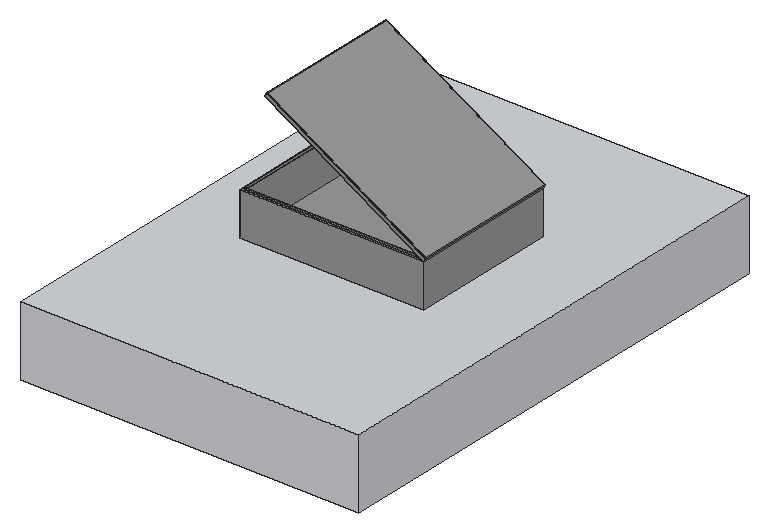
Revit family "Hager-Univers-IP44-D205-H650-Cl.I-Encl-CH-en", category Equipement électrique, Revit 2020
Family settings
  Hôte = Face
  Configuration du panneau = Deux colonnes, circuits au sein
  Cote de connecteur circulaire = Utiliser le diamètre
  Type d'élément = Tableau de raccordement
  Couper avec des vides une fois chargée = Non
  Partagée = Non
  Point de calcul de pièce = Non
Parameters (values of type "Surface mounted (plaster) IP44 W800 H650 D205  - FP43TN2")
  Width Control [instance] = if([EF000008 - Width] > Min Width, [EF000008 - Width], Min Width)  # 800 mm
  Commentaires du type = [HG000003 - Range]  # "Univers"
  Thickness Door [instance] = if([EF009171 - Material plate thickness door/cover] > 3 mm, 3 mm, [EF009171 - Material plate thickness door/cover])  # 1 mm
  Seal Frame Offset [instance] = 17 mm  # constant formula
  Plinth Visibility [instance] = [HG000027 - Plinth height] > 0 mm  # no
  Model = ""
  Min Width [instance] = 100 mm  # constant formula
  Min Height [instance] = 100 mm  # constant formula
  Min Depth [instance] = (2 * [EF009170 - Material plate thickness cabinet]) + 1 mm  # 3 mm
  Internal Frame Depth [instance] = (Door System Depth * 0.5)  # 9 mm
  Height Control [instance] = if([EF000040 - Height] > Min Height, [EF000040 - Height], Min Height)  # 650 mm
  HG000027 - Plinth height = 0 mm
  HG000026 - Floor standing = no
  HG000024 - Bottom section height = 800 mm
  HG000023 - Double section enclosure = no
  HG000016 - Door 3d visibility [instance] = yes
  HG000015 - Clearance visibility [instance] = no
  HG000014 - Door on the right [instance] = yes
  HG000013 - Door on the left [instance] = not([HG000014 - Door on the right])  # no
  HG000012 - Door swing angle [instance] = 30.00°
  HG000010 - Asymmetric doors = no
  HG000009 - Double swing door = no
  HG000006 - Flush mounted = no
  HG000004 - Manufacturer reference = "FP43TN2"
  HG000003 - Range = "Univers"
  HG000002 - With door or cover = yes
  Frame Offset Bottom [instance] = 10 mm  # constant formula
  Frame Offset [instance] = 15 mm  # constant formula
  EF015940 - Cover with overpressure release = no
  EF011959 - Degree of protection (NEMA) = ""
  EF009554 - Number of openings for flange plates = 6
  EF009212 - Cover model = "EV000116 - Closed"
  EF009171 - Material plate thickness door/cover = 1 mm
  EF009170 - Material plate thickness cabinet = 1 mm
  Fabricant = "Hager"  # constant formula
  EF008873 - Nominal current (In) = 250 A
  EF007800 - Suitable for lightning protection = no
  EF006306 - With lock = no
  EF006244 - Transparent cover/door = no
  EF005474 - Degree of protection (IP) = "EV006418 - IP44"
  EF004464 - Type of door = "EV002646 - Single"
  EF004427 - Number of modules = 144
  EF004293 - Impact strength = "EV006815 - IK09"
  EF003532 - Suitable for outdoor use = no
  EF002950 - Width in number of modular spacings = 36
  EF001613 - Circuit integrity = "EV000494 - None"
  EF001596 - Material housing = "EV000179 - Steel"
  EF001131 - Internal depth = 205 mm
  EF001088 - Extension possible = yes
  EF000437 - Number of conduit inlets = 6
  EF000339 - Type of cover = "EV001012 - Cover"
  EF000266 - Number of rows = 4
  EF000218 - Built-in depth = 205 mm
  EF000118 - With mounting plate = no
  EF000116 - RAL-number = "9010"
  EF000049 - Depth = 205 mm
  EF000040 - Height = 650 mm
  EF000008 - Width = 800 mm
  EF000007 - Colour = "EV000202 - White"
  EF000003 - Mounting method = "EV000384 - Surface mounted (plaster)"
  Door System Leaf Tolerance [instance] = 1.5 mm  # constant formula
  Door System Depth [instance] = 18 mm  # constant formula
  Door Height [instance] = Height Control - [HG000027 - Plinth height]  # 650 mm
  Depth Control [instance] = if([EF000049 - Depth] > Min Depth, [EF000049 - Depth], Min Depth)  # 205 mm
  Default Elevation = 0 mm
  Connector Offset [instance] = Height Control / 2  # 325 mm
  Bottom Top Plate Trim [instance] = 1.5 mm  # constant formula
  Plinth height Ctrl [instance] = if([HG000027 - Plinth height] > 0 mm, [HG000027 - Plinth height], 12 mm)  # 12 mm
Types (9, lengths in mm): name | Width Control | HG000010 - Asymmetric doors | HG000009 - Double swing door | HG000004 - Manufacturer reference | EF009554 - Number of openings for flange plates | EF004464 - Type of door | EF004427 - Number of modules | EF002950 - Width in number of modular spacings | EF000437 - Number of conduit inlets | EF000218 - Built-in depth | EF000008 - Width
  Surface mounted (plaster) IP44 W1050 H650 D205  - FP44QT | 1050 | no | no | "FP44QT" | 8 | "EV003602 - Double" | 192 | 48 | 8 | 0 | 1050
  Surface mounted (plaster) IP44 W1050 H650 D205  - FP44TN2 | 1050 | no | yes | "FP44TN2" | 8 | "EV003602 - Double" | 192 | 48 | 8 | 205 | 1050
  Surface mounted (plaster) IP44 W1300 H650 D205  - FP45TN2 | 1300 | yes | yes | "FP45TN2" | 10 | "EV003602 - Double" | 240 | 60 | 10 | 205 | 1300
  Surface mounted (plaster) IP44 W300 H650 D205  - FP41QT | 300 | no | no | "FP41QT" | 2 | "EV002646 - Single" | 48 | 12 | 2 | 0 | 300
  Surface mounted (plaster) IP44 W300 H650 D205  - FP41TN2 | 300 | no | no | "FP41TN2" | 2 | "EV002646 - Single" | 48 | 12 | 2 | 205 | 300
  Surface mounted (plaster) IP44 W550 H650 D205  - FP42QT | 550 | no | no | "FP42QT" | 4 | "EV002646 - Single" | 96 | 24 | 4 | 0 | 550
  Surface mounted (plaster) IP44 W550 H650 D205  - FP42TN2 | 550 | no | no | "FP42TN2" | 4 | "EV002646 - Single" | 96 | 24 | 4 | 205 | 550
  Surface mounted (plaster) IP44 W800 H650 D205  - FP43QT | 800 | no | no | "FP43QT" | 6 | "EV002646 - Single" | 144 | 36 | 6 | 0 | 800
  Surface mounted (plaster) IP44 W800 H650 D205  - FP43TN2 | 800 | no | no | "FP43TN2" | 6 | "EV002646 - Single" | 144 | 36 | 6 | 205 | 800
Reference planes
  plane 1 "Center (Front/Back)": y = 0
  plane 2: z = 0
  plane 3 "Center (Left/Right)": x = 0
  plane 4: z = 205
  plane 5: y = 1
  plane 6: y = 325
  plane 7: y = 0
  plane 8: y = 650
  plane 9: z = 0
  plane 10: x = -385
  plane 11: x = 385
  plane 12: x = 384
  plane 13: x = -384
  plane 14: y = 649
  plane 15: x = -383
  plane 16: x = -400
  plane 17: x = 383
  plane 18: x = 400
  plane 19: x = 399
  plane 20: x = -399
  plane 21: y = 11
  plane 22: y = 650
  plane 23: y = 634
  plane 24: z = 187
  plane 25: z = 1
  plane 26: z = 186
  plane 27: z = 204
Forms (mm)
  Extrusion 1, solid
    sketch origin (0, 0, 0) x (1, 0, 0) y (0, 1, 0)
      loop
        line (-702.964, 1305) -> (-702.964, -811.445) -> (766.763, -811.445) -> (766.763, 1305) -> (-702.964, 1305)
    from 0 to -304.8
  Extrusion 2, solid, material "Hager_Steel_RAL7035_Light_Grey", visible <- "Plinth Visibility", detail levels medium+fine
    sketch origin (0, 0, 0) x (1, 0, 0) y (0, 1, 0)
      loop
        line (-400, 0) -> (400, 0) -> (400, 12) -> (-400, 12) -> (-400, 0)
    from 0 to 187
  Extrusion 3, solid, material "Hager_Steel_RAL7035_Light_Grey", detail levels medium+fine
    sketch origin (0, 0, 0) x (1, 0, 0) y (0, 1, 0)
      loop
        line (-400, 0) -> (400, 0) -> (400, 650) -> (-400, 650) -> (-400, 0)
    from 0 to 187
  Extrusion 4, void
    sketch origin (0, 0, 0) x (1, 0, 0) y (0, 1, 0)
      loop
        line (-399, 1) -> (399, 1) -> (399, 649) -> (-399, 649) -> (-399, 1)
    from 1 to 186
  Extrusion 5, void
    sketch origin (-381.607, -4572, 187) x (0, -1, 0) y (-1, 0, 0)
      loop
        line (-4583, 2.393) -> (-5206, 2.393) -> (-5206, -765.607) -> (-4583, -765.607) -> (-4583, 2.393)
    from 0 to 1 <- "EF009170 - Material plate thickness cabinet"
  Extrusion 6, solid, material "Hager_Steel_RAL7035_Light_Grey", detail levels fine
    sketch origin (0, 0, 187) x (1, 0, 0) y (0, 1, 0)
      loop
        line (-384, 634) -> (-384, 11) -> (384, 11) -> (384, 634) -> (-384, 634)
      loop
        line (-385, 10) -> (385, 10) -> (385, 635) -> (-385, 635) -> (-385, 10)
    from 0 to 9 <- "Internal Frame Depth"
  Extrusion 7, solid, material "Hager_Steel_RAL7035_Light_Grey", detail levels coarse
    sketch origin (0, 0, 0) x (1, 0, 0) y (0, 1, 0)
      loop
        line (-400, 0) -> (400, 0) -> (400, 650) -> (-400, 650) -> (-400, 0)
    from 0 to 205
  Sweep 8, void
    path in 3D
      loop
        line (-400, 12, 0) -> (400, 12, 0) -> (400, 12, 187) -> (-400, 12, 187) -> (-400, 12, 0)
    profile origin (-400, 12, 93.5) x (-1, 0, 0) y (0, -1, 0)
      loop
        line (0, 0) -> (0, 1.5) -> (-1.5, 1.5)
        arc (-1.5, 1.5) -> (-1.061, 0.439) -> (0, 0) r 1.5
Cuts and joins
  Extrusion 4, Extrusion 5 cuts Extrusion 3
  Sweep 8 cuts Extrusion 2
Lines and regions (mm)
  Masking region 1
    outline origin (0, 0, 0) x (1, 0, 0) y (0, 0, 1)
      loop
        line (-400, 205) -> (-400, 0) -> (400, 0) -> (400, 205) -> (-400, 205)
  Masking region 2, detail levels medium+fine
    outline origin (0, 140, 0) x (0, 1, 0) y (0, 0, 1)
      loop
        line (-140, 0) -> (510, 0) -> (510, 187) -> (-140, 187) -> (-140, 0)
  Masking region 3, not visible, detail levels medium+fine
    outline origin (0, 297.922, 0) x (0, 1, 0) y (0, 0, 1)
      loop
        line (38.578, 0) -> (78.578, 0) -> (78.578, 194)
        arc (78.578, 194) -> (75.649, 201.071) -> (68.578, 204) r 10
        line (68.578, 204) -> (38.578, 204) -> (38.578, 0)
  Masking region 4, detail levels coarse
    outline origin (0, 0, 180) x (0, 1, 0) y (0, 0, 1)
      loop
        line (0, -180) -> (650, -180) -> (650, 25) -> (0, 25) -> (0, -180)
  Masking region 5, visible <- "Plinth Visibility", detail levels medium+fine
    outline origin (0, 52.24, 12.345) x (0, 0, -1) y (0, 1, 0)
      loop
        line (10.845, -40.24) -> (-173.155, -40.24)
        arc (-173.155, -40.24) -> (-173.594, -41.301) -> (-174.655, -41.74) r 1.5
        line (-174.655, -41.74) -> (-174.655, -52.24) -> (12.345, -52.24) -> (12.345, -41.74)
        arc (12.345, -41.74) -> (11.285, -41.301) -> (10.845, -40.24) r 1.5
  Masking region 6, detail levels medium+fine
    outline origin (-381.607, -4572, 187) x (-1, 0, 0) y (0, -1, 0)
      loop
        line (18.393, -5222) -> (18.393, -4572) -> (-781.607, -4572) -> (-781.607, -5222) -> (18.393, -5222)
  Masking region 7, visible <- "Plinth Visibility", detail levels medium+fine
    outline origin (-381.607, -4727, 187) x (-1, 0, 0) y (0, -1, 0)
      loop
        arc (16.893, -4739) -> (17.332, -4737.939) -> (18.393, -4737.5) r 1.5
        line (18.393, -4737.5) -> (18.393, -4727) -> (-781.607, -4727) -> (-781.607, -4737.5)
        arc (-781.607, -4737.5) -> (-780.546, -4737.939) -> (-780.107, -4739) r 1.5
        line (-780.107, -4739) -> (16.893, -4739)
  Masking region 8, detail levels coarse
    outline origin (-442.548, -4669.526, 187) x (-1, 0, 0) y (0, -1, 0)
      loop
        line (-42.548, -5319.526) -> (-42.548, -4669.526) -> (-842.548, -4669.526) -> (-842.548, -5319.526) -> (-42.548, -5319.526)
  sketch lines
    curve 1: line (-400, 12, 187) -> (-400, 12, 0)
    curve 2: line (400, 12, 187) -> (-400, 12, 187)
    curve 3: line (400, 12, 187) -> (400, 12, 0)
    curve 4: line (-400, 12, 0) -> (400, 12, 0)
Dimensions and locks
  "Depth Control": plane 4 to Extrusion 1
  "HG000027 - Plinth height": plane 1 "Center (Front/Back)" to plane 7
  "EF009170 - Material plate thickness cabinet": plane 5 to plane 7
  locked: connector elem to plane 3 "Center (Left/Right)"
  equal spacing: plane 8, plane 6, plane 7
  locked: connector elem to plane 6
  "EF009170 - Material plate thickness cabinet": plane 8 to plane 14
  "EF009170 - Material plate thickness cabinet": plane 10 to plane 13
  "EF009170 - Material plate thickness cabinet": plane 12 to plane 11
  "Frame Offset": plane 20 to plane 13
  "Frame Offset": plane 12 to plane 19
  "EF009170 - Material plate thickness cabinet": plane 16 to plane 20
  "EF009170 - Material plate thickness cabinet": plane 19 to plane 18
  "Seal Frame Offset": plane 16 to plane 15
  "Seal Frame Offset": plane 17 to plane 18
  "Frame Offset Bottom": plane 21 to plane 5
  "Frame Offset": plane 14 to plane 23
  equal spacing: plane 16, plane 3 "Center (Left/Right)", plane 18
  "Width Control": plane 16 to plane 18
  "EF009170 - Material plate thickness cabinet": plane 4 to plane 27
  "EF009170 - Material plate thickness cabinet": plane 24 to plane 26
  "EF009170 - Material plate thickness cabinet": plane 25 to level
  "Door System Depth": plane 4 to plane 24
  "Height Control": plane 1 "Center (Front/Back)" to Extrusion 7 sketch curve
  "Height Control": Masking region 4 sketch curve to plane 1 "Center (Front/Back)"
  "Height Control": plane 1 "Center (Front/Back)" to plane 22
  "Bottom Top Plate Trim": profile plane to Sweep 8 sketch curve
  "Bottom Top Plate Trim": Sweep 8 sketch curve to profile plane
  "Plinth height Ctrl": plane 1 "Center (Front/Back)" to Extrusion 2 sketch curve
  "Plinth height Ctrl": Masking region 5 sketch curve to plane 1 "Center (Front/Back)"
  "Plinth height Ctrl": plane 1 "Center (Front/Back)" to Masking region 7 sketch curve
  "Thickness Door": Extrusion 6 sketch curve to Extrusion 6 sketch curve  (x3)
  "Thickness Door": cut or joined group of Extrusion 3, Extrusion 4, Extrusion 5 to Extrusion 6 sketch curve
  radius of Masking region 3 sketch curve = 10 mm
  "Bottom Top Plate Trim": radius of Masking region 5 sketch curve  (x2)
  "Bottom Top Plate Trim": radius of Sweep 8 sketch curve
  "Bottom Top Plate Trim": radius of Masking region 7 sketch curve  (x2)
  aligned and locked: plane 2 to Extrusion 1
  aligned and locked: level to Extrusion 1
  aligned and locked: level to Masking region 1 sketch curve
  aligned and locked: Masking region 1 sketch curve to plane 18
  aligned and locked: Masking region 1 sketch curve to plane 16
  aligned and locked: plane 7 to Masking region 2 sketch curve
  aligned and locked: level to Masking region 3 sketch curve
  aligned and locked: Masking region 3 sketch curve to plane 27
  aligned and locked: level to Masking region 2 sketch curve
  aligned and locked: plane 1 "Center (Front/Back)" to Extrusion 2 sketch curve
  aligned and locked: Extrusion 3 sketch curve to plane 7
  aligned and locked: plane 16 to Extrusion 3 sketch curve
  aligned and locked: plane 18 to Extrusion 3 sketch curve
  aligned and locked: plane 20 to Extrusion 4 sketch curve
  aligned and locked: plane 19 to Extrusion 4 sketch curve
  aligned and locked: Extrusion 4 sketch curve to plane 5
  aligned and locked: Extrusion 4 to plane 25
  aligned and locked: plane 26 to Extrusion 4
  aligned and locked: plane 24 to Extrusion 3
  aligned and locked: Extrusion 5 sketch curve to plane 21
  aligned and locked: Extrusion 5 sketch curve to plane 13
  aligned and locked: Extrusion 5 sketch curve to plane 12
  aligned and locked: plane 18 to Extrusion 7 sketch curve
  aligned and locked: plane 1 "Center (Front/Back)" to Extrusion 7 sketch curve
  aligned and locked: plane 16 to Extrusion 7 sketch curve
  aligned and locked: plane 4 to Extrusion 7
  aligned and locked: Extrusion 7 to level
  aligned and locked: level to Masking region 4 sketch curve
  aligned and locked: Masking region 4 sketch curve to plane 1 "Center (Front/Back)"
  aligned and locked: Masking region 4 sketch curve to plane 4
  aligned and locked: nested 1 to level
  aligned and locked: nested 1 to plane 16
  aligned and locked: plane 8 to Extrusion 3 sketch curve
  aligned and locked: plane 23 to Extrusion 5 sketch curve
  aligned and locked: plane 14 to Extrusion 4 sketch curve
  aligned and locked: Masking region 2 sketch curve to plane 8
  aligned and locked: level to Masking region 5 sketch curve
  aligned and locked: plane 16 to Extrusion 2 sketch curve
  aligned and locked: plane 18 to Extrusion 2 sketch curve
  aligned and locked: Masking region 5 sketch curve to plane 24
  aligned and locked: Masking region 2 sketch curve to plane 24
  aligned and locked: plane 24 to Extrusion 2
  aligned and locked: profile plane to Sweep 8 sketch curve  (x2)
  aligned and locked: Masking region 6 sketch curve to plane 18
  aligned and locked: Masking region 6 sketch curve to plane 22
  aligned and locked: Masking region 6 sketch curve to plane 16
  aligned and locked: plane 8 to plane 22
  aligned and locked: Masking region 6 sketch curve to plane 7
  aligned and locked: Masking region 7 sketch curve to plane 16
  aligned and locked: Masking region 7 sketch curve to plane 1 "Center (Front/Back)"
  aligned and locked: Masking region 7 sketch curve to plane 18
  aligned and locked: Masking region 8 sketch curve to plane 1 "Center (Front/Back)"
  aligned and locked: Masking region 8 sketch curve to plane 18
  aligned and locked: Masking region 8 sketch curve to plane 22
  aligned and locked: Masking region 8 sketch curve to plane 16
  aligned and locked: nested 2 to plane 7
  aligned and locked: plane 3 "Center (Left/Right)" to nested 2
  aligned and locked: nested 2 to plane 24
  aligned and locked: Extrusion 6 sketch curve to cut or joined group of Extrusion 3, Extrusion 4, Extrusion 5  (x4)
Automatic sketch dimensions
  Extrusion 1 sketch curve to Extrusion 1 sketch curve = 1469.727 mm
  Extrusion 1 sketch curve to Extrusion 1 sketch curve = 2116.445 mm
  Masking region 1 sketch curve to plane 4 = 0 mm
  plane 6 to Masking region 3 sketch curve = 11.5 mm
  Masking region 3 sketch curve to Masking region 3 sketch curve = 30 mm
  Masking region 5 sketch curve to plane 1 "Center (Front/Back)" = 0 mm
Nested families
  nested 1: "Hager_Enclosure_Symbol" at (-400, 0, 0) x (1, 0, 0) z (0, -1, 0), Height <- "Depth Control", Width <- "Width Control", type "Hager_Enclosure_Symbol"
    with Width_Ctrl 800 mm, Width 800 mm, Height_Ctrl 205 mm, Height 205 mm, A_Width_Int 13.453 mm, A_Width 161.438 mm, A_Height_Ctrl 179.375 mm, A_Height 179.375 mm
  nested 2: "EC000058_Univers_Door" at (0, 0, 187) x (1, 0, 0) z (0, 1, 0), Leaf_Tolerance <- "Door System Leaf Tolerance", Angle <- "HG000012 - Door swing angle", Door_Depth <- "Door System Depth", Door_Left <- "HG000013 - Door on the left", Transparent <- "EF006244 - Transparent cover/door", Assymetrical <- "HG000010 - Asymmetric doors", Width <- "Width Control", Clearance <- "HG000015 - Clearance visibility", Double <- "HG000009 - Double swing door", 3d_Door <- "HG000016 - Door 3d visibility", Lock_Visibility <- "EF006306 - With lock", Width_Ctrl <- "Width Control", Door_Right <- "HG000014 - Door on the right", Door <- "HG000002 - With door or cover", Height <- "Door Height", Thickness <- "Thickness Door", type "EC000058_Univers_Door", detail levels medium+fine
    with min_wh 3 mm, Width_Ctrl 800 mm, Width 800 mm, Transparent no, Thickness 1 mm, Seal_Material Hager_Rubber, Lock_Visibility no, Lock_Material Hager_Plastic_RAL9005_Jet_Black, Leaf_Width 800 mm, Leaf_Tolerance_External_Sides 0 mm, Leaf_Tolerance 1.5 mm, Leaf_Offset 0 mm, Leaf_Height 647 mm, Leaf_2_Width 800 mm, Leaf_2_Offset 400 mm, Leaf_1_Width 800 mm, Leaf_1_Offset 400 mm, Height_Ctrl 650 mm, Height 650 mm, Glass_Material Hager_Glass, Double_Clearance_Ctrl no, Double no, Door_Right_Ctrl yes, Door_Right yes, Door_Material Hager_Steel_RAL7035_Light_Grey, Door_Left_Ctrl no, Door_Left no, Door_Depth 18 mm, Door yes, Clearance_Material Hager_Clearance, Clearance_Depth 800 mm, Clearance_Ctrl no, Clearance no, Assymetrical no, Angle 30.00°, 3d_Door yes
Connectors
  electrical at (0, 325, 0)
    settings: on plane 9, index 1, voltage 0 V, apparent load 0 VA, apparent load phase1 0 VA, apparent load phase2 0 VA, apparent load phase3 0 VA, power factor 1, load classification "Other", number of poles 1, system type 30, power factor state 1, is connector primary yes, connector utility no, sub classification motor no, connector description ""
Definition of nested family "EC000058_Univers_Door"
  Parameters (values of type "EC000058_Univers_Door")
    min_wh [instance] = (2 * Thickness) + 1 mm  # 11 mm
    Width_Ctrl [instance] = 400 mm
    Width [instance] = 500 mm
    Transparent [instance] = yes
    Thickness [instance] = 5 mm
    Seal_Material [instance] = none
    Lock_Visibility [instance] = yes
    Lock_Material [instance] = none
    Leaf_Width [instance] = if((Width_Ctrl - 2 * Leaf_Tolerance_External_Sides) > 0 mm, (Width_Ctrl - 2 * Leaf_Tolerance_External_Sides), min_wh)  # 400 mm
    Leaf_Tolerance_External_Sides [instance] = 0 mm  # constant formula
    Leaf_Tolerance [instance] = 1.5 mm
    Leaf_Offset [instance] = 0 mm  # constant formula
    Leaf_Height [instance] = if((Height_Ctrl - 2 * Leaf_Tolerance) > 0 mm, (Height_Ctrl - 2 * Leaf_Tolerance), min_wh)  # 497 mm
    Leaf_2_Width [instance] = if(and(and(Double, Assymetrical), Door_Left), (Leaf_Width / 3) - (Leaf_Tolerance / 2), if(and(and(Double, Assymetrical), Door_Right), (Leaf_Width / 3) * 2 - (Leaf_Tolerance / 2), if(and(Double, not(Assymetrical)), (Leaf_Width / 2) - Leaf_Tolerance, Leaf_Width)))  # 400 mm
    Leaf_2_Offset [instance] = if(and(Double, Assymetrical), Leaf_2_Width / 2, if(and(Double, not(Assymetrical)), Leaf_Width / 4, Leaf_Width / 2))  # 200 mm
    Leaf_1_Width [instance] = if(and(and(Double, Assymetrical), Door_Right), (Leaf_Width / 3) - (Leaf_Tolerance / 2), if(and(and(Double, Assymetrical), Door_Left), (Width / 3) * 2 - (Leaf_Tolerance / 2), if(and(Double, not(Assymetrical)), (Leaf_Width / 2) - Leaf_Tolerance, Leaf_Width)))  # 400 mm
    Leaf_1_Offset [instance] = if(and(Double, Assymetrical), Leaf_1_Width / 2, if(and(Double, not(Assymetrical)), Leaf_Width / 4, Leaf_Width / 2))  # 200 mm
    Height_Ctrl [instance] = if(Height > min_wh, Height, min_wh)  # 500 mm
    Height [instance] = 500 mm
    Glass_Material [instance] = none
    Double_Clearance_Ctrl [instance] = and(Double, Clearance)  # no
    Double [instance] = no
    Door_Right_Ctrl [instance] = and(or(Door_Right, Double), Door)  # yes
    Door_Right [instance] = yes
    Door_Material [instance] = none
    Door_Left_Ctrl [instance] = and(or(Door_Left, Double), Door)  # no
    Door_Left [instance] = no
    Door_Depth [instance] = 30 mm
    Door [instance] = yes
    Default Elevation = 1219.2 mm
    Clearance_Material [instance] = none
    Clearance_Depth [instance] = if(Leaf_1_Width > Leaf_2_Width, Leaf_1_Width, Leaf_2_Width)  # 400 mm
    Clearance_Ctrl [instance] = and(not(Double), Clearance)  # yes
    Clearance [instance] = yes
    Assymetrical [instance] = yes
    Angle [instance] = 30.00°
    3d_Door [instance] = yes
  Reference planes
    plane 1 "Center (Front/Back)": y = 0
    plane 2 "Bottom": z = 0
    plane 3 "Center (Left/Right)": x = 0
    plane 4: z = 500
    plane 5: x = -200
    plane 6: x = 200
    plane 7: z = 500
    plane 8: x = -200
    plane 9: z = 0
    plane 10: x = 200
    plane 11: y = 0
    plane 12: z = 1.5
    plane 13: x = -600
    plane 14: y = -400
    plane 15: x = 600
    plane 16: x = 0
    plane 17: x = 0
    plane 18: x = -200
    plane 19: x = 200
    plane 20: z = 498.5
  Forms (mm)
    Extrusion 1, solid, material <- "Clearance_Material", visible <- "Double_Clearance_Ctrl"
      sketch origin (1200, 0, 0) x (1, 0, 0) y (0, 0, -1)
        loop
          line (-1800, -498.5) -> (-600, -498.5) -> (-600, 0) -> (-1800, 0) -> (-1800, -498.5)
      from 0 to -400
  Dimensions and locks
    equal spacing: plane 5, plane 3 "Center (Left/Right)", plane 6
    "Width_Ctrl": plane 5 to plane 6
    "Leaf_Offset": plane 5 to plane 8
    "Leaf_Offset": plane 6 to plane 10
    "Leaf_Offset": plane 9 to level
    "Leaf_Offset": plane 4 to plane 7
    "Height_Ctrl": plane 4 to level
    "Leaf_Tolerance": plane 12 to plane 9
    locked: plane 11 to plane 1 "Center (Front/Back)"
    "Leaf_1_Offset": plane 18 to plane 16
    "Leaf_2_Offset": plane 17 to plane 19
    "Leaf_1_Width": plane 13 to plane 8
    "Leaf_2_Width": plane 10 to plane 15
    "Clearance_Depth": plane 14 to plane 1 "Center (Front/Back)"
    "Leaf_Tolerance_External_Sides": plane 8 to plane 18
    "Leaf_Tolerance_External_Sides": plane 19 to plane 10
    "Leaf_Tolerance": plane 7 to plane 20
    aligned and locked: level to plane 2 "Bottom"
    aligned and locked: nested 1 to plane 16
    aligned and locked: nested 2 to plane 17
    aligned and locked: Extrusion 1 to plane 13
    aligned and locked: plane 15 to Extrusion 1
    aligned and locked: Extrusion 1 to plane 14
    aligned and locked: plane 12 to nested 1
    aligned and locked: nested 2 to plane 12
    aligned and locked: Extrusion 1 to plane 11
    aligned and locked: plane 20 to Extrusion 1
    aligned and locked: nested 2 to plane 11
    aligned and locked: nested 1 to plane 11
  Automatic sketch dimensions
    Extrusion 1 sketch curve to level = 0 mm
    plane 5 to Extrusion 1 sketch curve = 400 mm
    plane 6 to Extrusion 1 sketch curve = 400 mm
    Extrusion 1 sketch curve to plane 4 = 1.5 mm
  Nested families
    nested 1: "EC000058_Univers_Door_Leaf" at (0, 0, 1.5), Width <- "Leaf_1_Width", visible <- "Door_Left_Ctrl", Leaf_Height <- "Leaf_Height", Angle <- "Angle", 3d_Door <- "3d_Door", Transparent <- "Transparent", Clearance Material <- "Clearance_Material", Clearance <- "Clearance_Ctrl", Door_Material <- "Door_Material", Glass_Material <- "Glass_Material", Door_Depth <- "Door_Depth", Lock_Material <- "Lock_Material", Seal_Material <- "Seal_Material", Lock_Visibility <- "Lock_Visibility", Thickness <- "Thickness", type "EC000058_Univers_Door_Leaf"
      with Width 400 mm, Transparent_Glass_Offset 30 mm, Transparent_Ctrl yes, Transparent yes, Thickness 5 mm, Standard no, Seal_Material none, Seal_D2 8 mm, Seal_D1 1 mm, Offset_Internal_Frame 10 mm, Lock_Width 20 mm, Lock_Visibility_3d yes, Lock_Visibility yes, Lock_Thickness_3 3 mm, Lock_Thickness_2 1 mm, Lock_Thickness_1 3 mm, Lock_Radius_Offset_2 16 mm, Lock_Radius_Offset_1 15 mm, Lock_Radius_2 5 mm, Lock_Radius 6 mm, Lock_Offset 5 mm, Lock_Material none, Lock_Height 80 mm, Lock_Cover_Top_Offset_2d 17 mm, Lock_Cover_Height -65 mm, Leaf_Height 497 mm, Internal_Seal_Thickness 8 mm, Internal_Seal_Depth_2 4.5 mm, Internal_Frame_Depth 25 mm, Glass_Thickness -1 mm, Glass_Offset -2 mm, Glass_Material none, Door_Material none, Door_Depth 30 mm, Clearance Material none, Clearance yes, Angle_Ctrl 30.00°, Angle 30.00°, 3d_Door yes
    nested 2: "EC000058_Univers_Door_Leaf" at (0, 0, 1.5) x (-1, 0, 0) z (0, 0, 1), Width <- "Leaf_2_Width", visible <- "Door_Right_Ctrl", Leaf_Height <- "Leaf_Height", Angle <- "Angle", 3d_Door <- "3d_Door", Transparent <- "Transparent", Clearance Material <- "Clearance_Material", Clearance <- "Clearance_Ctrl", Door_Material <- "Door_Material", Glass_Material <- "Glass_Material", Door_Depth <- "Door_Depth", Lock_Material <- "Lock_Material", Seal_Material <- "Seal_Material", Lock_Visibility <- "Lock_Visibility", Thickness <- "Thickness", type "EC000058_Univers_Door_Leaf"
      with Width 400 mm, Transparent_Glass_Offset 30 mm, Transparent_Ctrl yes, Transparent yes, Thickness 5 mm, Standard no, Seal_Material none, Seal_D2 8 mm, Seal_D1 1 mm, Offset_Internal_Frame 10 mm, Lock_Width 20 mm, Lock_Visibility_3d yes, Lock_Visibility yes, Lock_Thickness_3 3 mm, Lock_Thickness_2 1 mm, Lock_Thickness_1 3 mm, Lock_Radius_Offset_2 16 mm, Lock_Radius_Offset_1 15 mm, Lock_Radius_2 5 mm, Lock_Radius 6 mm, Lock_Offset 5 mm, Lock_Material none, Lock_Height 80 mm, Lock_Cover_Top_Offset_2d 17 mm, Lock_Cover_Height -65 mm, Leaf_Height 497 mm, Internal_Seal_Thickness 8 mm, Internal_Seal_Depth_2 4.5 mm, Internal_Frame_Depth 25 mm, Glass_Thickness -1 mm, Glass_Offset -2 mm, Glass_Material none, Door_Material none, Door_Depth 30 mm, Clearance Material none, Clearance yes, Angle_Ctrl 30.00°, Angle 30.00°, 3d_Door yes
  Definition of nested family "EC000058_Univers_Door_Leaf"
    Parameters (values of type "EC000058_Univers_Door_Leaf")
      Width [instance] = 2000 mm
      Transparent_Glass_Offset [instance] = 30 mm
      Transparent_Ctrl [instance] = and(Transparent, [3d_Door])  # yes
      Transparent [instance] = yes
      Thickness [instance] = 5 mm
      Standard [instance] = and(not(Transparent), [3d_Door])  # no
      Seal_Material [instance] = none
      Seal_D2 [instance] = 8 mm  # constant formula
      Seal_D1 [instance] = 1 mm  # constant formula
      Offset_Internal_Frame [instance] = 10 mm  # constant formula
      Lock_Width [instance] = 20 mm  # constant formula
      Lock_Visibility_3d [instance] = and(Lock_Visibility, [3d_Door])  # yes
      Lock_Visibility [instance] = yes
      Lock_Thickness_3 [instance] = 3 mm  # constant formula
      Lock_Thickness_2 [instance] = 1 mm  # constant formula
      Lock_Thickness_1 [instance] = 3 mm  # constant formula
      Lock_Radius_Offset_2 [instance] = Lock_Radius_Offset_1 + 1 mm  # 16 mm
      Lock_Radius_Offset_1 [instance] = 15 mm  # constant formula
      Lock_Radius_2 [instance] = Lock_Radius - 1 mm  # 5 mm
      Lock_Radius [instance] = 6 mm  # constant formula
      Lock_Offset [instance] = 5 mm  # constant formula
      Lock_Material [instance] = none
      Lock_Height [instance] = 80 mm  # constant formula
      Lock_Cover_Top_Offset_2d [instance] = Lock_Radius_Offset_2 + 1 mm  # 17 mm
      Lock_Cover_Height [instance] = -(Lock_Height - Lock_Radius_Offset_1)  # -65 mm
      Leaf_Height [instance] = 2720.336 mm
      Internal_Seal_Thickness [instance] = 8 mm  # constant formula
      Internal_Seal_Depth_2 [instance] = 4.5 mm  # constant formula
      Internal_Frame_Depth [instance] = if(Door_Depth - Thickness > 5 mm, Door_Depth - Thickness, 5 mm)  # 25 mm
      Glass_Thickness [instance] = if(Thickness > 15 mm, Glass_Offset + 10 mm, -1 mm)  # -1 mm
      Glass_Offset [instance] = if(Thickness > 15 mm, -(Thickness + 10 mm) / 2, -2 mm)  # -2 mm
      Glass_Material [instance] = none
      Door_Material [instance] = none
      Door_Depth [instance] = 30 mm
      Default Elevation = 0 mm
      Clearance Material [instance] = none
      Clearance [instance] = yes
      Angle_Ctrl [instance] = if(Angle > 180.00°, 180.00°, Angle)  # 90.00°
      Angle [instance] = 90.00°
      3d_Door [instance] = yes
    Reference planes
      plane 1 "Center (Front/Back)": y = 0
      plane 2: z = 0
      plane 3 "Center (Left/Right)": x = 0
      plane 4: y = 2000
      plane 5: x = -1000
      plane 6: x = 1000
      plane 7: x = -3000
      plane 8: z = 2720.336
      plane 9: z = 30
      plane 10: z = 2690.336
      plane 11: x = 970
      plane 12: x = -970
      plane 13: y = -3
      plane 14: z = 107.833
      plane 15: y = -5
      plane 16: y = -223.314
      plane 17: x = -1000
      plane 18: z = 1360.168
      plane 19: y = 30
    Forms (mm)
      Extrusion 1, solid, material <- "Clearance Material", visible <- "Clearance"
        sketch origin (0, 0, 0) x (1, 0, 0) y (0, 0, 1)
          loop
            line (-3000, 2720.336) -> (-3000, 0) -> (1000, 0) -> (1000, 2720.336) -> (-3000, 2720.336)
        from 0 to -2000
      Extrusion 2, solid, material <- "Door_Material", visible <- "Standard", detail levels medium+fine
        sketch origin (-1000, 0, 0) x (0, 1, 0) y (-1, 0, 0)
          loop
            line (0, 30) -> (0, 25) -> (2000, 25) -> (2000, 30) -> (0, 30)
        from 0 to 2720.336 <- "Leaf_Height"
      Extrusion 3, solid, material <- "Door_Material", visible <- "Transparent_Ctrl", detail levels medium+fine
        sketch origin (-1000, 0, 0) x (0, 1, 0) y (-1, 0, 0)
          loop
            line (0, 25) -> (2000, 25) -> (2000, 30) -> (0, 30) -> (0, 25)
        from 0 to 2720.336 <- "Leaf_Height"
      Extrusion 4, void
        sketch origin (-1025, 2000, 0) x (0, 1, 0) y (0, 0, -1)
          loop
            line (-30, -2690.336) -> (-30, -30) -> (-1970, -30) -> (-1970, -2690.336) -> (-30, -2690.336)
        from 0 to 5 <- "Thickness"
      Sweep 5, solid, material <- "Seal_Material", visible <- "Transparent_Ctrl", detail levels fine
        path in 3D
          loop
            line (-1025, 30, 30) -> (-1025, 30, 2690.336) -> (-1025, 1970, 2690.336) -> (-1025, 1970, 30) -> (-1025, 30, 30)
        profile origin (-1025, 1000, 30) x (1, 0, 0) y (0, 0, 1)
          loop
            line (0, 0) -> (0, -8) -> (1, -8) -> (1, 0) -> (0, 0)
      Extrusion 6, solid, material <- "Glass_Material", visible <- "Transparent_Ctrl", detail levels medium+fine
        sketch origin (-1030, 0, 0) x (0, 1, 0) y (0, 0, -1)
          loop
            line (1970, -2690.336) -> (1970, -30) -> (30, -30) -> (30, -2690.336) -> (1970, -2690.336)
        from -2 <- "Glass_Offset" to -1 <- "Glass_Thickness"
      Extrusion 7, solid, material <- "Door_Material", visible <- "3d_Door", detail levels medium+fine
        sketch origin (-1025, 2000, 0) x (0, -1, 0) y (0, 0, -1)
          loop
            line (0, -2720.336) -> (2000, -2720.336) -> (2000, 0) -> (0, 0) -> (0, -2720.336)
          loop
            line (1995, -5) -> (5, -5) -> (5, -2715.336) -> (1995, -2715.336) -> (1995, -5)
        from 0 to 25 <- "Internal_Frame_Depth"
      Sweep 8, solid, material <- "Seal_Material", visible <- "Transparent_Ctrl", detail levels fine
        path in 3D
          loop
            line (-1025, 0, 0) -> (-1025, 2000, 0) -> (-1025, 2000, 2720.336) -> (-1025, 0, 2720.336) -> (-1025, 0, 0)
        profile origin (-1025, 0, 1360.168) x (1, 0, 0) y (0, 1, 0)
          loop
            line (0, 10) -> (2.975, 10)
            arc (2.975, 10) -> (4.053, 10.447) -> (4.5, 11.525) r 1.525
            line (4.5, 11.525) -> (4.5, 16.527)
            arc (4.5, 16.527) -> (4.069, 17.569) -> (3.027, 18) r 1.473
            line (3.027, 18) -> (0, 18) -> (0, 10)
      Extrusion 9, solid, material <- "Lock_Material", visible <- "Lock_Visibility_3d", detail levels fine
        sketch origin (-1030, 0, 0) x (0, 1, 0) y (0, 0, -1)
          loop
            arc (1993.5, -1400.168) -> (1994.561, -1399.729) -> (1995, -1398.668) r 1.5
            line (1995, -1398.668) -> (1995, -1320.168) -> (1975, -1320.168) -> (1975, -1398.668)
            arc (1975, -1398.668) -> (1975.439, -1399.729) -> (1976.5, -1400.168) r 1.5
            line (1976.5, -1400.168) -> (1993.5, -1400.168)
        from 3 <- "Lock_Thickness_1" to 0
      Blend 10, solid, material <- "Lock_Material", visible <- "Lock_Visibility_3d", detail levels fine
        base sketch origin (-1033, 0, 0) x (0, 1, 0) y (0, 0, -1)
          loop
            line (1975, -1320.168) -> (1975, -1398.668)
            arc (1975, -1398.668) -> (1975.439, -1399.729) -> (1976.5, -1400.168) r 1.5
            line (1976.5, -1400.168) -> (1993.5, -1400.168)
            arc (1993.5, -1400.168) -> (1994.561, -1399.729) -> (1995, -1398.668) r 1.5
            line (1995, -1398.668) -> (1995, -1320.168) -> (1975, -1320.168)
        top sketch origin (-1033, 0, 0) x (0, 1, 0) y (0, 0, -1)
          loop
            line (1976, -1320.168) -> (1976, -1398.668)
            arc (1976, -1398.668) -> (1976.146, -1399.022) -> (1976.5, -1399.168) r 0.5
            line (1976.5, -1399.168) -> (1993.5, -1399.168)
            arc (1993.5, -1399.168) -> (1993.854, -1399.022) -> (1994, -1398.668) r 0.5
            line (1994, -1398.668) -> (1994, -1320.168) -> (1976, -1320.168)
        from 0 to 1 <- "Lock_Thickness_2"
      Blend 11, solid, material <- "Lock_Material", visible <- "Lock_Visibility_3d", detail levels fine
        base sketch origin (-1034, 0, 0) x (0, 1, 0) y (0, 0, -1)
          loop
            line (1978, -1320.168) -> (1978, -1384.168)
            arc (1978, -1384.168) -> (1985, -1391.168) -> (1992, -1384.168) r 7
            line (1992, -1384.168) -> (1992, -1320.168) -> (1978, -1320.168)
        top sketch origin (-1034, 0, 0) x (0, 1, 0) y (0, 0, -1)
          loop
            line (1991, -1320.168) -> (1979, -1320.168) -> (1979, -1383.168)
            arc (1979, -1383.168) -> (1985, -1389.168) -> (1991, -1383.168) r 6
            line (1991, -1383.168) -> (1991, -1320.168)
        from 0 to 3 <- "Lock_Thickness_3"
      Extrusion 12, solid, material <- "Lock_Material", visible <- "Lock_Visibility_3d", detail levels fine
        sketch origin (-1030, 1975, 1320.168) x (1, 0, 0) y (0, -1, 0)
          loop
            line (-7, -19) -> (-7, -1) -> (0, -1) -> (0, 0) -> (-8, 0) -> (-8, -20) -> (0, -20) -> (0, -19) -> (-7, -19)
        from 0 to -65 <- "Lock_Cover_Height"
      Extrusion 13, void
        sketch origin (-1038, 1995, 1320.168) x (-1, 0, 0) y (0, 0, -1)
          loop
            line (-5, -65) -> (0, -65) -> (-5, -60) -> (-5, -65)
        from 0 to 20 <- "Lock_Width"
      Extrusion 14, void
        sketch origin (-1038, 1975, 1320.168) x (0, -1, 0) y (0, 0, -1)
          loop
            circle (-10, -15.995) r 6
          loop
            circle (-10, -15.995) r 5
        from 0 to 2
      Extrusion 15, solid, material <- "Lock_Material", visible <- "Lock_Visibility_3d", detail levels medium
        sketch origin (-1030, 0, 0) x (0, 1, 0) y (0, 0, -1)
          loop
            arc (1993.5, -1400.168) -> (1994.561, -1399.729) -> (1995, -1398.668) r 1.5
            line (1995, -1398.668) -> (1995, -1320.168) -> (1975, -1320.168) -> (1975, -1398.668)
            arc (1975, -1398.668) -> (1975.439, -1399.729) -> (1976.5, -1400.168) r 1.5
            line (1976.5, -1400.168) -> (1993.5, -1400.168)
        from 8 to 0
    Cuts and joins
      Extrusion 4 cuts Extrusion 3
      Extrusion 13, Extrusion 14 cuts Extrusion 9
      Extrusion 14 cuts Blend 11
      Extrusion 13, Extrusion 14 cuts Extrusion 12
      joined: Extrusion 9, Blend 10, Blend 11, Extrusion 12
      Extrusion 14 cuts Extrusion 15
    Lines and regions (mm)
      Masking region 1, visible <- "Lock_Visibility", detail levels fine
        outline origin (0, 0, 0) x (0, 1, 0) y (0, 0, 1)
          loop
            line (30, 1320.168) -> (33, 1320.168) -> (33, 1400.168) -> (30, 1400.168) -> (30, 1320.168)
      Masking region 2, visible <- "Lock_Visibility", detail levels fine
        outline origin (0, 3.143, 0) x (0, 1, 0) y (0, 0, 1)
          loop
            line (29.857, 1354.168) -> (30.857, 1354.168) -> (30.857, 1366.168) -> (29.857, 1366.168) -> (29.857, 1354.168)
      Masking region 3, detail levels medium+fine
        outline origin (0, 0, 0) x (0, 1, 0) y (0, 0, 1)
          loop
            line (0, 0) -> (30, 0) -> (30, 2720.336) -> (0, 2720.336) -> (0, 0)
      Masking region 4, detail levels medium+fine
        outline origin (0, 0, 0) x (1, 0, 0) y (0, 0, 1)
          loop
            line (-1000, 2720.336) -> (-1000, 0) -> (1000, 0) -> (1000, 2720.336) -> (-1000, 2720.336)
      Masking region 5, visible <- "Lock_Visibility", detail levels fine
        outline origin (-47.116, 0, 0) x (1, 0, 0) y (0, 0, 1)
          loop
            arc (1024.616, 1399.168) -> (1023.556, 1398.729) -> (1023.116, 1397.668) r 1.5
            line (1023.116, 1397.668) -> (1023.116, 1320.168) -> (1041.116, 1320.168) -> (1041.116, 1397.668)
            arc (1041.116, 1397.668) -> (1040.677, 1398.729) -> (1039.616, 1399.168) r 1.5
            line (1039.616, 1399.168) -> (1024.616, 1399.168)
      Masking region 6, visible <- "Lock_Visibility", detail levels medium+fine
        outline origin (-25, 0, 0) x (1, 0, 0) y (0, 0, 1)
          loop
            arc (1001.5, 1400.168) -> (1000.439, 1399.729) -> (1000, 1398.668) r 1.5
            line (1000, 1398.668) -> (1000, 1320.168) -> (1020, 1320.168) -> (1020, 1398.668)
            arc (1020, 1398.668) -> (1019.561, 1399.729) -> (1018.5, 1400.168) r 1.5
            line (1018.5, 1400.168) -> (1001.5, 1400.168)
      Masking region 7, visible <- "Lock_Visibility", detail levels fine
        outline origin (-73.735, 0, 0) x (1, 0, 0) y (0, 0, 1)
          loop
            line (1051.735, 1382.168) -> (1065.735, 1382.168) -> (1065.735, 1384.168)
            arc (1065.735, 1384.168) -> (1058.735, 1391.168) -> (1051.735, 1384.168) r 7
            line (1051.735, 1384.168) -> (1051.735, 1382.168)
      Masking region 8, visible <- "Lock_Visibility", detail levels fine
        outline origin (-73.735, 0, 0) x (1, 0, 0) y (0, 0, 1)
          loop
            line (1052.735, 1382.168) -> (1064.735, 1382.168) -> (1064.735, 1383.168)
            arc (1064.735, 1383.168) -> (1058.735, 1389.168) -> (1052.735, 1383.168) r 6
            line (1052.735, 1383.168) -> (1052.735, 1382.168)
      Masking region 9, visible <- "Lock_Visibility", detail levels fine
        outline origin (-25, 0, 0) x (1, 0, 0) y (0, 0, 1)
          loop
            line (1020, 1320.168) -> (1020, 1382.168) -> (1000, 1382.168) -> (1000, 1320.168) -> (1020, 1320.168)
      Masking region 10, detail levels medium+fine
        outline origin (0, 0, 0) x (1, 0, 0) y (0, 0, 1)
          loop
            circle (985, 1335.144) r 6
      Masking region 11, detail levels fine
        outline origin (0, 0, 0) x (1, 0, 0) y (0, 0, 1)
          loop
            circle (985, 1335.144) r 5
      Masking region 12, visible <- "Lock_Visibility", detail levels fine
        outline origin (0, 12.767, 0) x (0, 1, 0) y (0, 0, 1)
          loop
            line (20.233, 1320.168) -> (21.233, 1320.168) -> (21.233, 1399.168) -> (20.233, 1400.168) -> (20.233, 1320.168)
      Masking region 13, visible <- "Lock_Visibility", detail levels fine
        outline origin (0, 13.767, -10) x (0, 1, 0) y (0, 0, 1)
          loop
            line (20.233, 1330.168) -> (23.233, 1330.168) -> (23.233, 1399.168) -> (20.233, 1402.168) -> (20.233, 1330.168)
      Masking region 14, visible <- "Lock_Visibility", detail levels fine
        outline origin (0, 12.767, -10) x (0, 1, 0) y (0, 0, 1)
          loop
            line (20.233, 1330.168) -> (25.233, 1330.168) -> (25.233, 1399.305) -> (20.233, 1394.305) -> (20.233, 1330.168)
      Masking region 15, visible <- "Lock_Visibility", detail levels medium
        outline origin (0, 0, 0) x (0, 1, 0) y (0, 0, 1)
          loop
            line (30, 1320.168) -> (38, 1320.168) -> (38, 1400.168) -> (30, 1400.168) -> (30, 1320.168)
      Masking region 16, visible <- "Lock_Visibility", detail levels fine
        outline origin (-1000, 0, 0) x (0, 1, 0) y (-1, 0, 0)
          loop
            line (1975, 30) -> (1995, 30) -> (1995, 38) -> (1975, 38) -> (1975, 30)
          loop
            line (1979, 37) -> (1976, 37) -> (1976, 34) -> (1978, 34) -> (1979, 37)
          loop
            line (1994, 37) -> (1991, 37) -> (1992, 34) -> (1994, 34) -> (1994, 37)
      Masking region 17, visible <- "Lock_Visibility", detail levels medium
        outline origin (-1000, 0, 0) x (0, 1, 0) y (-1, 0, 0)
          loop
            line (1975, 30) -> (1995, 30) -> (1995, 38) -> (1975, 38) -> (1975, 30)
      symbolic lines
        curve 1: line (1000, 0, 0) -> (-3000, 0, 0)
        curve 2: arc (1000, 0, 0) -> (-1000, 2000, 0) -> (-3000, 0, 0) r 2000
        curve 4: line (-1030, 0, 0) -> (-1030, 2000, 0)
      reference lines
        curve 3: line (-1000, 0, 0) -> (-1000, 2000, 0)
      symbolic lines, detail levels medium+fine
        curve 5: line (-1030, 2000, 0) -> (-1025, 2000, 0)
        curve 7: line (-1025, 0, 0) -> (-1030, 0, 0)
        curve 8: line (-1025, 0, 0) -> (-1000, 0, 0)
        curve 9: line (-1000, 0, 0) -> (-1000, 2000, 0)
        curve 10: line (-1000, 2000, 0) -> (-1025, 2000, 0)
      symbolic lines, detail levels fine
        curve 6: line (-1025, 2000, 0) -> (-1025, 0, 0)
      sketch lines
        curve 11: line (-1025, 0, 2720.336) -> (-1025, 0, 0)
        curve 12: line (-1025, 2000, 0) -> (-1025, 0, 0)
        curve 13: line (-1025, 2000, 2720.336) -> (-1025, 2000, 0)
        curve 14: line (-1025, 0, 2720.336) -> (-1025, 2000, 2720.336)
        curve 15: line (-1025, 1970, 30) -> (-1025, 30, 30)
        curve 16: line (-1025, 30, 30) -> (-1025, 30, 2690.336)
        curve 17: line (-1025, 1970, 2690.336) -> (-1025, 1970, 30)
        curve 18: line (-1025, 30, 2690.336) -> (-1025, 1970, 2690.336)
      symbolic lines, visible <- "Transparent", detail levels medium+fine
        curve 19: line (-970, 0, 2690.336) -> (970, 0, 2690.336)
        curve 20: line (-970, 0, 30) -> (-970, 0, 2690.336)
        curve 21: line (970, 0, 30) -> (-970, 0, 30)
        curve 22: line (970, 0, 2690.336) -> (970, 0, 30)
    Dimensions and locks
      "Width": plane 1 "Center (Front/Back)" to plane 4
      equal spacing: plane 5, plane 3 "Center (Left/Right)", plane 6
      "Width": plane 5 to plane 6
      "Width": plane 7 to plane 5
      "Leaf_Height": plane 8 to level
      "Width": curve 5 to curve 3
      "Width": curve 3 to curve 3
      plane 8 to plane 10 = 30 mm
      plane 9 to level = 30 mm
      plane 12 to plane 5 = 30 mm
      plane 6 to plane 11 = 30 mm
      Extrusion 1 to Extrusion 4 sketch curve = 30 mm
      "Transparent_Glass_Offset": curve 3 to Extrusion 4 sketch curve
      "Transparent_Glass_Offset": Extrusion 4 sketch curve to cut or joined group of Extrusion 3, Extrusion 4  (x2)
      cut or joined group of Extrusion 3, Extrusion 4 to Extrusion 6 sketch curve = 30 mm
      "Transparent_Glass_Offset": cut or joined group of Extrusion 3, Extrusion 4 to Extrusion 4 sketch curve
      "Thickness": curve 6 to curve 4
      "Thickness": Extrusion 7 sketch curve to Extrusion 7 sketch curve  (x4)
      "Door_Depth": curve 4 to curve 3
      "Offset_Internal_Frame": profile plane to Sweep 8 sketch curve
      "Internal_Seal_Thickness": Sweep 8 sketch curve to Sweep 8 sketch curve
      "Internal_Seal_Depth_2": profile plane to Sweep 8 sketch curve
      "Seal_D1": profile plane to Sweep 5 sketch curve
      "Seal_D2": profile plane to Sweep 5 sketch curve
      "Thickness": Extrusion 2 sketch curve to Extrusion 2 sketch curve
      equal spacing: Extrusion 9 sketch curve, plane 18, Extrusion 9 sketch curve  (x2)
      equal spacing: Masking region 1 sketch curve, plane 18, Masking region 1 sketch curve
      "Lock_Height": Masking region 1 sketch curve to Masking region 1 sketch curve
      "Lock_Radius": Masking region 2 sketch curve to plane 18 to Masking region 2 sketch curve
      Masking region 2 sketch curve to Masking region 1 = 1 mm
      "Door_Depth": plane 19 to plane 1 "Center (Front/Back)"
      "Lock_Thickness_1": Masking region 1 sketch curve to plane 19
      "Lock_Width": Extrusion 9 sketch curve to Extrusion 9 sketch curve
      "Lock_Height": Extrusion 9 sketch curve to Extrusion 9 sketch curve
      "Lock_Offset": cut or joined group of Extrusion 3, Extrusion 4 to Extrusion 9 sketch curve
      equal spacing: plane 8, plane 18, level
      "Lock_Radius_Offset_1": Blend 11 sketch curve to Blend 10
      locked: Blend 10 to Blend 11 sketch curve at 2  (x2)
      locked: var sketch to Blend 11 sketch curve at 1  (x2)
      "Lock_Radius_Offset_2": Blend 11 sketch curve to Blend 10
      locked: Extrusion 12 sketch curve to Extrusion 12 sketch curve at 1  (x3)
      Masking region 6 sketch curve to Masking region 6 sketch curve = 80 mm
      "Lock_Height": Masking region 6 sketch curve to Masking region 6 sketch curve
      "Lock_Width": Masking region 6 sketch curve to Masking region 6 sketch curve
      locked: Masking region 6 to Masking region 5 sketch curve at 1  (x3)
      locked: Masking region 5 to Masking region 7 sketch curve at 2  (x2)
      "Lock_Radius_Offset_1": Masking region 5 to Masking region 7 sketch curve
      "Lock_Radius_Offset_2": Masking region 5 to Masking region 8 sketch curve
      locked: Masking region 7 to Masking region 8 sketch curve at 1  (x2)
      "Lock_Cover_Top_Offset_2d": Masking region 5 to Masking region 9 sketch curve
      equal spacing: Masking region 9, Masking region 10 sketch curve, Masking region 9
      equal spacing: Masking region 9, Masking region 11 sketch curve, Masking region 9
      Extrusion 15 sketch curve to Extrusion 15 sketch curve = 80 mm
      "Lock_Width": Extrusion 15 sketch curve to Extrusion 15 sketch curve
      "Lock_Height": Extrusion 15 sketch curve to Extrusion 15 sketch curve
      equal spacing: Extrusion 15 sketch curve, plane 18, Extrusion 15 sketch curve
      "Lock_Thickness_3": Masking region 13 sketch curve to Masking region 13 sketch curve
      "Lock_Height": Masking region 12 sketch curve to Masking region 12 sketch curve
      locked: Masking region 13 sketch curve to Masking region 1 at 8
      locked: Masking region 14 sketch curve to Masking region 13 at 1
      locked: Masking region 14 sketch curve to Masking region 1 at 10.863
      "Lock_Height": Masking region 15 sketch curve to Masking region 15 sketch curve
      "Lock_Offset": Extrusion 15 sketch curve to cut or joined group of Extrusion 3, Extrusion 4
      "Lock_Offset": plane 6 to Masking region 6 sketch curve
      radius of Sweep 8 sketch curve = 1.525 mm
      radius of Sweep 8 sketch curve = 1.473 mm
      radius of Extrusion 9 sketch curve = 1.5 mm  (x2)
      "Lock_Radius": radius of Extrusion 14 sketch curve
      "Lock_Radius_2": radius of Extrusion 14 sketch curve
      "Lock_Radius": radius of Masking region 10 sketch curve
      "Lock_Radius_2": radius of Masking region 11 sketch curve
      radius of Extrusion 15 sketch curve = 1.5 mm  (x2)
      "Angle_Ctrl": angle plane 1 "Center (Front/Back)" to curve 3
      locked: Masking region 12 sketch curve to Masking region 12 sketch curve (angle 45.00°)
      locked: Masking region 13 sketch curve to Masking region 13 sketch curve (angle 45.00°)
      locked: Masking region 14 sketch curve to Masking region 14 sketch curve (angle 45.00°)
      aligned and locked: level to plane 2
      aligned and locked: Extrusion 1 to curve 1
      aligned and locked: plane 6 to Extrusion 1
      aligned and locked: Extrusion 1 to plane 1 "Center (Front/Back)"
      aligned and locked: plane 4 to Extrusion 1
      aligned and locked: plane 8 to Extrusion 1
      aligned and locked: curve 7 to Extrusion 2 sketch curve
      aligned and locked: curve 5 to Extrusion 2 sketch curve
      aligned and locked: curve 7 to Extrusion 3 sketch curve
      aligned and locked: Extrusion 3 sketch curve to curve 4
      aligned and locked: Extrusion 3 sketch curve to curve 6
      aligned and locked: Extrusion 3 sketch curve to curve 5
      aligned and locked: curve 9 to curve 3
      aligned and locked: Extrusion 7 sketch curve to cut or joined group of Extrusion 3, Extrusion 4  (x4)
      aligned and locked: plane 17 to curve 3
      aligned and locked: plane 1 "Center (Front/Back)" to curve 3
      aligned and locked: plane 17 to plane 5
      aligned and locked: Sweep 8 sketch curve to profile plane
      aligned and locked: Sweep 5 sketch curve to profile plane  (x2)
      aligned and locked: Masking region 1 to Masking region 2 sketch curve
      aligned and locked: plane 19 to Masking region 1 sketch curve
      aligned and locked: plane 1 "Center (Front/Back)" to Masking region 3 sketch curve
      aligned and locked: plane 19 to Masking region 3 sketch curve
      aligned and locked: level to Masking region 3 sketch curve
      aligned and locked: Masking region 3 sketch curve to plane 8
      aligned and locked: plane 17 to Masking region 4 sketch curve
      aligned and locked: level to Masking region 4 sketch curve
      aligned and locked: Masking region 4 sketch curve to plane 8
      aligned and locked: plane 12 to curve 20
      aligned and locked: plane 10 to curve 19
      aligned and locked: plane 11 to curve 22
      aligned and locked: curve 21 to plane 9
      aligned and locked: Extrusion 2 sketch curve to cut or joined group of Extrusion 3, Extrusion 4
      aligned and locked: Blend 10 sketch curve to Extrusion 9  (x4)
      aligned and locked: Extrusion 9 to Blend 10 sketch curve
      aligned and locked: Blend 10 to Blend 11 sketch curve
      aligned and locked: Extrusion 12 sketch curve to Blend 11
      aligned and locked: Extrusion 12 sketch curve to Extrusion 9  (x4)
      aligned and locked: Masking region 5 sketch curve to Masking region 6
      aligned and locked: Masking region 9 sketch curve to Masking region 6  (x3)
      aligned and locked: Masking region 12 sketch curve to Masking region 1
      aligned and locked: Masking region 13 sketch curve to Masking region 1
      aligned and locked: Masking region 12 to Masking region 14
      aligned and locked: Masking region 14 sketch curve to Masking region 1
      aligned and locked: Masking region 15 sketch curve to Masking region 14
      aligned and locked: Masking region 13 sketch curve to Masking region 12
      aligned and locked: Masking region 16 sketch curve to cut or joined group of Extrusion 14, Extrusion 15  (x4)
      aligned and locked: Masking region 16 sketch curve to cut or joined group of Extrusion 9, Blend 10, Blend 11, Extrusion 12, Extrusion 13, Extrusion 14  (x6)
      aligned and locked: cut or joined group of Extrusion 9, Blend 10, Blend 11, Extrusion 12, Extrusion 13, Extrusion 14 to Masking region 16 sketch curve
      aligned and locked: Masking region 17 sketch curve to cut or joined group of Extrusion 14, Extrusion 15  (x3)
      aligned and locked: Masking region 17 sketch curve to cut or joined group of Extrusion 9, Blend 10, Blend 11, Extrusion 12, Extrusion 13, Extrusion 14
      aligned and locked: Masking region 9 to Masking region 8 sketch curve
      aligned and locked: Masking region 9 to Masking region 7 sketch curve
    Automatic sketch dimensions
      plane 1 "Center (Front/Back)" to curve 2 = 0 mm
      curve 2 to plane 5 = 0 mm
      Extrusion 1 sketch curve to level = 0 mm
      Extrusion 1 sketch curve to plane 7 = 0 mm
      Extrusion 1 sketch curve to plane 6 = 0 mm
      Extrusion 1 sketch curve to plane 8 = 0 mm
      Extrusion 3 to Extrusion 6 sketch curve = 30 mm  (x4)
      Masking region 4 sketch curve to plane 6 = 0 mm
      Blend 10 sketch curve to Extrusion 9 = 1.5 mm
      Blend 10 sketch curve to Extrusion 9 = 1 mm
      Extrusion 13 sketch curve to Extrusion 12 = 0 mm  (x2)
      Extrusion 12 to Extrusion 13 sketch curve = 3 mm
      Extrusion 13 sketch curve to Extrusion 12 = 5 mm
      Extrusion 14 sketch curve to Extrusion 14 sketch curve = 0 mm  (x2)
      Extrusion 14 sketch curve to Extrusion 12 = 10 mm
      Extrusion 14 sketch curve to Extrusion 12 = 15.995 mm
      Masking region 5 sketch curve to Masking region 5 sketch curve = 1.5 mm  (x2)
      Masking region 10 sketch curve to plane 18 = 25.024 mm
      Masking region 11 sketch curve to plane 18 = 25.024 mm
      plane 19 to Masking region 14 sketch curve = 3 mm
      Masking region 16 sketch curve to Masking region 16 sketch curve = 3 mm
      curve 4 to curve 3 = 0 mm
      Blend 10 to Blend 11 sketch curve = 0 mm
      Masking region 6 sketch curve to Masking region 6 sketch curve = 1.5 mm  (x2)
      Masking region 6 sketch curve to plane 18 = 40 mm
      plane 19 to Masking region 12 sketch curve = 3 mm
      Masking region 12 sketch curve to Masking region 12 sketch curve = 1 mm
      Masking region 15 sketch curve to plane 19 = 0 mm
      Masking region 15 sketch curve to plane 18 = 40 mm
      radius of Blend 10 sketch curve to Extrusion 9 = 1 mm
Definition of nested family "Hager_Enclosure_Symbol"
  Parameters (values of type "Hager_Enclosure_Symbol")
    Width_Ctrl [instance] = if(Width > 1 mm, Width, 1 mm)  # 102.27 mm
    Width [instance] = 102.27 mm
    Height_Ctrl [instance] = if(Height > 1 mm, Height, 1 mm)  # 66.5 mm
    A_Width_Int [instance] = if(A_Width / 12 > 2 mm, A_Width / 12, 2 mm)  # 4.364 mm
    A_Width [instance] = if(A_Height_Ctrl * 0.9 > 2 mm, A_Height_Ctrl * 0.9, 2 mm)  # 52.369 mm
    A_Height_Ctrl [instance] = if(A_Height > 2 mm, A_Height, 2 mm)  # 58.188 mm
    Height [instance] = 66.5 mm
    A_Height [instance] = Height - (Height / 8)  # 58.188 mm
  Reference planes
    plane 1 "Centre (avant/arrière)": y = 0
    plane 2: z = 0
    plane 3 "Centre (gauche/droite)": x = 0
    plane 4: x = 52.369
    plane 5: y = 33.042
    plane 6: y = 41.77
    plane 7: y = 66.5
    plane 8: x = 26.184
    plane 9: y = 37.406
    plane 10: x = 102.27
    plane 11: y = 66.5
    plane 12: y = 8.313
  Lines and regions (mm)
    Filled region 1, type "Solid_Black", in view "Niveau de réf."
      outline origin (0, 0, 0) x (1, 0, 0) y (0, 1, 0)
        loop
          line (52.369, 66.5) -> (33.188, 54.536) -> (45.365, 45.006) -> (52.369, 66.5)
    Filled region 2, type "Solid_Black", in view "Niveau de réf."
      outline origin (0, 0, 0) x (1, 0, 0) y (0, 1, 0)
        loop
          line (0, 0) -> (102.27, 0) -> (102.27, 66.5) -> (0, 0)
    detail lines, in view "Niveau de réf."
      curve 1: line (0, 8.313, 0) -> (26.184, 41.77, 0)
      curve 2: line (26.184, 41.77, 0) -> (26.184, 33.042, 0)
      curve 3: line (26.184, 33.042, 0) -> (52.369, 66.5, 0)
  Dimensions and locks
    "A_Width": plane 3 "Centre (gauche/droite)" to plane 4
    equal spacing: plane 3 "Centre (gauche/droite)", plane 8, plane 4
    equal spacing: plane 6, plane 9, plane 5
    equal spacing: curve 3, Filled region 1 sketch curve, Filled region 1 sketch curve
    "Height_Ctrl": plane 1 "Centre (avant/arrière)" to plane 11
    "A_Height_Ctrl": plane 11 to plane 12
    equal spacing: plane 11, plane 9, plane 12
    "A_Width_Int": plane 6 to plane 9
    "Width_Ctrl": plane 3 "Centre (gauche/droite)" to plane 10
    angle Filled region 1 sketch curve to curve 3 = 20.00°
    angle curve 3 to Filled region 1 sketch curve = 20.00°
    locked: curve 3 to Filled region 1 sketch curve (angle 90.00°)
    aligned and locked: plane 10 to Filled region 2
    aligned and locked: plane 11 to Filled region 2 sketch curve
    aligned and locked: plane 10 to Filled region 2 sketch curve
    aligned and locked: plane 3 "Centre (gauche/droite)" to curve 1
    aligned and locked: plane 12 to curve 1
    aligned and locked: plane 7 to plane 11
  Automatic sketch dimensions
    Filled region 1 sketch curve to plane 4 = 0 mm
    Filled region 1 sketch curve to plane 7 = 0 mm
    plane 1 "Centre (avant/arrière)" to Filled region 2 sketch curve = 0 mm
    Filled region 2 sketch curve to plane 3 "Centre (gauche/droite)" = 0 mm
    curve 2 to plane 6 = 0 mm
    curve 2 to plane 8 = 0 mm
    curve 3 to plane 4 = 0 mm
    curve 2 to plane 5 = 0 mm
    curve 3 to plane 7 = 0 mm
